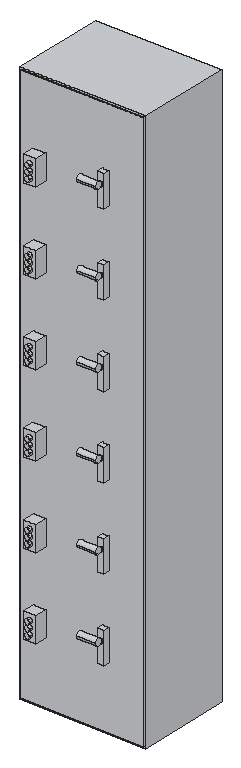
Revit family "e36c70917ccb48d3a1429e1e011fed8e", category Electrical Equipment, Revit 2021
Family settings
  Round Connector Dimension = Use Diameter
  Part Type = Switchboard
  OmniClass Number = 23.80.30.11.17
  OmniClass Title = Distribution Boards and Control Panels
  Seek Item ID = Modular Motor Control Centers - Motor Starter Section-0000-USA-ENU
  Work Plane-Based = No
  Always vertical = Yes
  Cut with Voids When Loaded = No
  Shared = No
  Room Calculation Point = No
Parameters (values of type "20"X15"")
  Switch Voltage = 480 V
  Switch Material = none
  built-in parameter 1140142 [instance] = -1
  Pushbutton Material = none
  Number of Poles = 3
  built-in parameter 1155150 [instance] = 3
  MCC Width = Cabinet Width + 0' 4"  # 1' - 7"
  MCC Material = none
  built-in parameter 1140140 [instance] = 1 (stored number, unit not read)
  Load Classification = HVAC
  Half Length = Cabinet Length / 2  # 0' - 10"
  built-in parameter 1155100 [instance] = -1
  built-in parameter 1140083 [instance] = "Type 12"
  Default Elevation = 0' - 0"
  built-in parameter 1140087 [instance] = element -7000011
  Cabinet Width = 1' - 3"
  Cabinet Length = 1' - 8"
Types (4): name | MCC Width | Half Length | Cabinet Width | Cabinet Length
  (no name) | 1' - 7" | 0' - 10" | 1' - 3" | 1' - 8"
  20"X15" | 1' - 7" | 0' - 10" | 1' - 3" | 1' - 8"
  20"X20" | 2' - 0" | 0' - 10" | 1' - 8" | 1' - 8"
  24"X20" | 2' - 0" | 1' - 0" | 1' - 8" | 2' - 0"
Reference planes (in)
  plane 1 "Center (Front/Back)": y = 0
  plane 2: z = 0
  plane 3 "Center (Left/Right)": x = 0
  plane 4: y = -19
  plane 5: x = -10
  plane 6: x = 10
  plane 7: y = -15
  plane 8: z = 90
  plane 9: y = -15.125
  plane 10: x = -9.75
  plane 11: x = 9.75
  plane 12: z = 89.75
  plane 13: z = 0.25
  plane 14: x = -7.75
  plane 15: x = -5.75
  plane 16: y = -17.125
  plane 17: y = -17.625
  plane 18: z = 80.25
  plane 19: z = 75.25
  plane 20: z = 79.25
  plane 21: x = -6.75
  plane 22: z = 78.25
  plane 23: x = 3.75
  plane 24: x = 3.25
  plane 25: x = 4.25
  plane 26: x = 3.625
  plane 27: x = 3.875
  plane 28: x = 2.25
  plane 29: x = 5.25
  plane 30: y = -16.125
  plane 31: z = 78.98919
  plane 32: z = 77.75
  plane 33: y = -18.5
  plane 34: y = -7.5
  plane 35: z = 67.25
  plane 36: z = 62.25
  plane 37: z = 66.25
  plane 38: z = 65.25
  plane 39: z = 54.25
  plane 40: z = 49.25
  plane 41: z = 53.25
  plane 42: z = 52.25
  plane 43: z = 41.25
  plane 44: z = 36.25
  plane 45: z = 40.25
  plane 46: z = 39.25
  plane 47: z = 28.25
  plane 48: z = 23.25
  plane 49: z = 27.25
  plane 50: z = 26.25
  plane 51: z = 15.25
  plane 52: z = 10.25
  plane 53: z = 14.25
  plane 54: z = 13.25
Forms (in)
  Extrusion 1, solid, material <- "MCC Material"
    sketch origin (0, 0, 0) x (1, 0, 0) y (0, 1, 0)
      loop
        line (-10, -15) -> (10, -15) -> (10, 0) -> (-10, 0) -> (-10, -15)
    from 90 to 0
  Extrusion 2, solid, material <- "MCC Material", detail levels fine
    sketch origin (0, 0, 0) x (1, 0, 0) y (0, 1, 0)
      loop
        line (-9.75, -15.125) -> (9.75, -15.125) -> (9.75, -15) -> (-9.75, -15) -> (-9.75, -15.125)
    from 0.25 to 89.75
  Extrusion 3, solid, material <- "Pushbutton Material", detail levels fine
    sketch origin (0, 0, 0) x (1, 0, 0) y (0, 1, 0)
      loop
        line (-7.75, -17.125) -> (-5.75, -17.125) -> (-5.75, -15.125) -> (-7.75, -15.125) -> (-7.75, -17.125)
    from 75.25 to 79.25
  Extrusion 4, solid, material <- "Pushbutton Material", detail levels fine
    sketch origin (0, 0, 0) x (1, 0, 0) y (0, 0, 1)
      loop
        circle (-6.75, 78.25) r 0.375
    from 17.625 to 17.125
  Extrusion 5, solid, material <- "Pushbutton Material", detail levels fine
    sketch origin (0, 0, -1) x (1, 0, 0) y (0, 0, 1)
      loop
        circle (-6.75, 78.25) r 0.375
    from 17.625 to 17.125
  Extrusion 6, solid, material <- "Pushbutton Material", detail levels fine
    sketch origin (0, 0, -2) x (1, 0, 0) y (0, 0, 1)
      loop
        circle (-6.75, 78.25) r 0.375
    from 17.625 to 17.125
  Extrusion 7, solid, material <- "Pushbutton Material", detail levels fine
    sketch origin (0, -0.5, -13) x (1, 0, 0) y (0, 1, 0)
      loop
        line (-7.75, -16.625) -> (-5.75, -16.625) -> (-5.75, -14.625) -> (-7.75, -14.625) -> (-7.75, -16.625)
    from 75.25 to 79.25
  Extrusion 8, solid, material <- "Pushbutton Material", detail levels fine
    sketch origin (0, 0, -13) x (1, 0, 0) y (0, 0, 1)
      loop
        circle (-6.75, 78.25) r 0.375
    from 17.625 to 17.125
  Extrusion 9, solid, material <- "Pushbutton Material", detail levels fine
    sketch origin (0, 0, -14) x (1, 0, 0) y (0, 0, 1)
      loop
        circle (-6.75, 78.25) r 0.375
    from 17.625 to 17.125
  Extrusion 10, solid, material <- "Pushbutton Material", detail levels fine
    sketch origin (0, 0, -15) x (1, 0, 0) y (0, 0, 1)
      loop
        circle (-6.75, 78.25) r 0.375
    from 17.625 to 17.125
  Extrusion 11, solid, material <- "Pushbutton Material", detail levels fine
    sketch origin (0, 0, -26) x (1, 0, 0) y (0, 1, 0)
      loop
        line (-7.75, -17.125) -> (-5.75, -17.125) -> (-5.75, -15.125) -> (-7.75, -15.125) -> (-7.75, -17.125)
    from 75.25 to 79.25
  Extrusion 12, solid, material <- "Pushbutton Material", detail levels fine
    sketch origin (0, 0, -26) x (1, 0, 0) y (0, 0, 1)
      loop
        circle (-6.75, 78.25) r 0.375
    from 17.625 to 17.125
  Extrusion 13, solid, material <- "Pushbutton Material", detail levels fine
    sketch origin (0, 0, -27) x (1, 0, 0) y (0, 0, 1)
      loop
        circle (-6.75, 78.25) r 0.375
    from 17.625 to 17.125
  Extrusion 14, solid, material <- "Pushbutton Material", detail levels fine
    sketch origin (0, 0, -28) x (1, 0, 0) y (0, 0, 1)
      loop
        circle (-6.75, 78.25) r 0.375
    from 17.625 to 17.125
  Extrusion 15, solid, material <- "Pushbutton Material", detail levels fine
    sketch origin (0, -0.5, -39) x (1, 0, 0) y (0, 1, 0)
      loop
        line (-7.75, -16.625) -> (-5.75, -16.625) -> (-5.75, -14.625) -> (-7.75, -14.625) -> (-7.75, -16.625)
    from 75.25 to 79.25
  Extrusion 16, solid, material <- "Pushbutton Material", detail levels fine
    sketch origin (0, 0, -39) x (1, 0, 0) y (0, 0, 1)
      loop
        circle (-6.75, 78.25) r 0.375
    from 17.625 to 17.125
  Extrusion 17, solid, material <- "Pushbutton Material", detail levels fine
    sketch origin (0, 0, -40) x (1, 0, 0) y (0, 0, 1)
      loop
        circle (-6.75, 78.25) r 0.375
    from 17.625 to 17.125
  Extrusion 18, solid, material <- "Pushbutton Material", detail levels fine
    sketch origin (0, 0, -41) x (1, 0, 0) y (0, 0, 1)
      loop
        circle (-6.75, 78.25) r 0.375
    from 17.625 to 17.125
  Extrusion 19, solid, material <- "Pushbutton Material", detail levels fine
    sketch origin (0, 0, -52) x (1, 0, 0) y (0, 1, 0)
      loop
        line (-7.75, -17.125) -> (-5.75, -17.125) -> (-5.75, -15.125) -> (-7.75, -15.125) -> (-7.75, -17.125)
    from 75.25 to 79.25
  Extrusion 20, solid, material <- "Pushbutton Material", detail levels fine
    sketch origin (0, 0, -52) x (1, 0, 0) y (0, 0, 1)
      loop
        circle (-6.75, 78.25) r 0.375
    from 17.125 to 17.625
  Extrusion 21, solid, material <- "Pushbutton Material", detail levels fine
    sketch origin (0, 0, -53) x (1, 0, 0) y (0, 0, 1)
      loop
        circle (-6.75, 78.25) r 0.375
    from 17.125 to 17.625
  Extrusion 22, solid, material <- "Pushbutton Material", detail levels fine
    sketch origin (0, 0, -54) x (1, 0, 0) y (0, 0, 1)
      loop
        circle (-6.75, 78.25) r 0.375
    from 17.125 to 17.625
  Extrusion 23, solid, material <- "Pushbutton Material", detail levels fine
    sketch origin (0, 0, -65) x (1, 0, 0) y (0, 1, 0)
      loop
        line (-7.75, -17.125) -> (-5.75, -17.125) -> (-5.75, -15.125) -> (-7.75, -15.125) -> (-7.75, -17.125)
    from 75.25 to 79.25
  Extrusion 24, solid, material <- "Pushbutton Material", detail levels fine
    sketch origin (0, 0, -65) x (1, 0, 0) y (0, 0, 1)
      loop
        circle (-6.75, 78.25) r 0.375
    from 17.625 to 17.125
  Extrusion 25, solid, material <- "Pushbutton Material", detail levels fine
    sketch origin (0, 0, -66) x (1, 0, 0) y (0, 0, 1)
      loop
        circle (-6.75, 78.25) r 0.375
    from 17.625 to 17.125
  Extrusion 26, solid, material <- "Pushbutton Material", detail levels fine
    sketch origin (0, 0, -67) x (1, 0, 0) y (0, 0, 1)
      loop
        circle (-6.75, 78.25) r 0.375
    from 17.625 to 17.125
  Extrusion 27, solid, material <- "Switch Material", detail levels fine
    sketch origin (0, 0, 0) x (1, 0, 0) y (0, 0, 1)
      loop
        line (3.25, 75.25) -> (4.25, 75.25) -> (4.25, 80.25) -> (3.25, 80.25) -> (3.25, 75.25)
    from 16.125 to 15.125
  Extrusion 28, solid, material <- "Switch Material", detail levels fine
    sketch origin (0, 0, 0) x (0, 1, 0) y (0, 0, 1)
      loop
        line (-16.125, 78.98919) -> (-18.5, 80.3604) -> (-18.5, 79.62121) -> (-16.125, 78.25) -> (-16.125, 78.98919)
    from 3.875 to 3.625
  Extrusion 29, solid, material <- "Switch Material", detail levels fine
    sketch origin (0, 0, 0) x (0, 1, 0) y (0, 0, 1)
      loop
        circle (-18.5, 79.98078) r 0.5
    from 5.25 to 2.25
  Extrusion 30, solid, material <- "Switch Material", detail levels fine
    sketch origin (0, 0, -13) x (1, 0, 0) y (0, 0, 1)
      loop
        line (3.25, 75.25) -> (4.25, 75.25) -> (4.25, 80.25) -> (3.25, 80.25) -> (3.25, 75.25)
    from 16.125 to 15.125
  Extrusion 31, solid, material <- "Switch Material", detail levels fine
    sketch origin (0, 0, -13) x (0, 1, 0) y (0, 0, 1)
      loop
        line (-16.125, 78.98919) -> (-18.5, 80.3604) -> (-18.5, 79.62121) -> (-16.125, 78.25) -> (-16.125, 78.98919)
    from 3.875 to 3.625
  Extrusion 32, solid, material <- "Switch Material", detail levels fine
    sketch origin (0, 0, -13) x (0, 1, 0) y (0, 0, 1)
      loop
        circle (-18.5, 79.98078) r 0.5
    from 5.25 to 2.25
  Extrusion 33, solid, material <- "Switch Material", detail levels fine
    sketch origin (0, 0, -26) x (1, 0, 0) y (0, 0, 1)
      loop
        line (3.25, 75.25) -> (4.25, 75.25) -> (4.25, 80.25) -> (3.25, 80.25) -> (3.25, 75.25)
    from 16.125 to 15.125
  Extrusion 34, solid, material <- "Switch Material", detail levels fine
    sketch origin (0, 0, -26) x (0, 1, 0) y (0, 0, 1)
      loop
        line (-16.125, 78.98919) -> (-18.5, 80.3604) -> (-18.5, 79.62121) -> (-16.125, 78.25) -> (-16.125, 78.98919)
    from 3.875 to 3.625
  Extrusion 35, solid, material <- "Switch Material", detail levels fine
    sketch origin (0, 0, -26) x (0, 1, 0) y (0, 0, 1)
      loop
        circle (-18.5, 79.98078) r 0.5
    from 5.25 to 2.25
  Extrusion 36, solid, material <- "Switch Material", detail levels fine
    sketch origin (0, 0, -39) x (1, 0, 0) y (0, 0, 1)
      loop
        line (3.25, 75.25) -> (4.25, 75.25) -> (4.25, 80.25) -> (3.25, 80.25) -> (3.25, 75.25)
    from 16.125 to 15.125
  Extrusion 37, solid, material <- "Switch Material", detail levels fine
    sketch origin (0, 0, -39) x (0, 1, 0) y (0, 0, 1)
      loop
        line (-16.125, 78.98919) -> (-18.5, 80.3604) -> (-18.5, 79.62121) -> (-16.125, 78.25) -> (-16.125, 78.98919)
    from 3.875 to 3.625
  Extrusion 38, solid, material <- "Switch Material", detail levels fine
    sketch origin (0, 0, -39) x (0, 1, 0) y (0, 0, 1)
      loop
        circle (-18.5, 79.98078) r 0.5
    from 5.25 to 2.25
  Extrusion 39, solid, material <- "Switch Material", detail levels fine
    sketch origin (0, 0, -52) x (1, 0, 0) y (0, 0, 1)
      loop
        line (3.25, 75.25) -> (4.25, 75.25) -> (4.25, 80.25) -> (3.25, 80.25) -> (3.25, 75.25)
    from 16.125 to 15.125
  Extrusion 40, solid, material <- "Switch Material", detail levels fine
    sketch origin (0, 0, -52) x (0, 1, 0) y (0, 0, 1)
      loop
        line (-16.125, 78.98919) -> (-18.5, 80.3604) -> (-18.5, 79.62121) -> (-16.125, 78.25) -> (-16.125, 78.98919)
    from 3.875 to 3.625
  Extrusion 41, solid, material <- "Switch Material", detail levels fine
    sketch origin (0, 0, -52) x (0, 1, 0) y (0, 0, 1)
      loop
        circle (-18.5, 79.98078) r 0.5
    from 2.25 to 5.25
  Extrusion 42, solid, material <- "Switch Material", detail levels fine
    sketch origin (0, 0, -65) x (1, 0, 0) y (0, 0, 1)
      loop
        line (3.25, 75.25) -> (4.25, 75.25) -> (4.25, 80.25) -> (3.25, 80.25) -> (3.25, 75.25)
    from 16.125 to 15.125
  Extrusion 43, solid, material <- "Switch Material", detail levels fine
    sketch origin (0, 0, -65) x (0, 1, 0) y (0, 0, 1)
      loop
        line (-16.125, 78.98919) -> (-18.5, 80.3604) -> (-18.5, 79.62121) -> (-16.125, 78.25) -> (-16.125, 78.98919)
    from 3.875 to 3.625
  Extrusion 44, solid, material <- "Switch Material", detail levels fine
    sketch origin (0, 0, -65) x (0, 1, 0) y (0, 0, 1)
      loop
        circle (-18.5, 79.98078) r 0.5
    from 5.25 to 2.25
Cuts and joins
  joined: Extrusion 3, Extrusion 4, Extrusion 5, Extrusion 6
  joined: Extrusion 27, Extrusion 28, Extrusion 29
  joined: Extrusion 36, Extrusion 37, Extrusion 38
  joined: Extrusion 33, Extrusion 34, Extrusion 35
  joined: Extrusion 30, Extrusion 31, Extrusion 32
  joined: Extrusion 39, Extrusion 40, Extrusion 41
  joined: Extrusion 42, Extrusion 43, Extrusion 44
  joined: Extrusion 23, Extrusion 24, Extrusion 25, Extrusion 26
  joined: Extrusion 19, Extrusion 20, Extrusion 21, Extrusion 22
  joined: Extrusion 15, Extrusion 16, Extrusion 17, Extrusion 18
  joined: Extrusion 11, Extrusion 12, Extrusion 13, Extrusion 14
  joined: Extrusion 7, Extrusion 8, Extrusion 9, Extrusion 10
Lines and regions (in)
  model lines, detail levels fine
    curve 1: line (-9.75, -15.125, 84.25) -> (9.75, -15.125, 84.25)
    curve 2: line (6.5, -15.125, 83.75) -> (6.5, -15.125, 6.25)
    curve 3: line (6, -15.125, 83.75) -> (6, -15.125, 6.25)
    curve 4: line (-9.75, -15.125, 83.75) -> (6, -15.125, 83.75)
    curve 5: line (-9.75, -15.125, 71.25) -> (6, -15.125, 71.25)
    curve 6: line (-9.75, -15.125, 70.75) -> (6, -15.125, 70.75)
    curve 7: line (-9.75, -15.125, 58.25) -> (6, -15.125, 58.25)
    curve 8: line (-9.75, -15.125, 57.75) -> (6, -15.125, 57.75)
    curve 9: line (-9.75, -15.125, 45.25) -> (6, -15.125, 45.25)
    curve 10: line (-9.75, -15.125, 44.75) -> (6, -15.125, 44.75)
    curve 11: line (-9.75, -15.125, 32.25) -> (6, -15.125, 32.25)
    curve 12: line (-9.75, -15.125, 31.75) -> (6, -15.125, 31.75)
    curve 13: line (-9.75, -15.125, 19.25) -> (6, -15.125, 19.25)
    curve 14: line (-9.75, -15.125, 18.75) -> (6, -15.125, 18.75)
    curve 15: line (-9.75, -15.125, 6.25) -> (6, -15.125, 6.25)
    curve 16: line (-9.75, -15.125, 5.75) -> (9.75, -15.125, 5.75)
    curve 17: line (6.5, -15.125, 83.75) -> (9.75, -15.125, 83.75)
    curve 18: line (6.5, -15.125, 6.25) -> (9.75, -15.125, 6.25)
Dimensions and locks (in)
  "MCC Width": plane 4 to plane 1 "Center (Front/Back)"
  "Half Length": plane 5 to plane 3 "Center (Left/Right)"
  "Half Length": plane 6 to plane 3 "Center (Left/Right)"
  locked: plane 7 to plane 4 at 4
  locked: plane 8 to plane 2 at 90
  locked: plane 9 to plane 4 at 3.875
  locked: plane 5 to plane 10 at 0.25
  locked: plane 11 to plane 6 at 0.25
  locked: plane 8 to plane 12 at 0.25
  locked: plane 13 to plane 2 at 0.25
  locked: curve 2 to plane 6 at 3.5
  locked: curve 3 to curve 2 at 0.5
  plane 5 to plane 14 = 0' - 2 1/4"
  locked: plane 14 to plane 15 at 2
  locked: plane 9 to plane 16 at 2
  locked: plane 16 to plane 17 at 0.5
  locked: plane 8 to plane 18 at 9.75
  locked: plane 18 to plane 19 at 5
  equal spacing: plane 15, plane 21, plane 14
  locked: plane 20 to plane 19 at 4
  locked: plane 20 to plane 22 at 1
  locked: plane 23 to plane 6 at 6.25
  plane 24 to plane 23 to plane 25 = 0' - 0 1/2" locked, 0' - 0 1/2" locked
  plane 26 to plane 23 to plane 27 = 0' - 0 1/8" locked, 0' - 0 1/8" locked
  locked: plane 28 to plane 23 at 1.5
  locked: plane 23 to plane 29 at 1.5
  locked: plane 9 to plane 30 at 1
  locked: plane 18 to plane 31 at 1.26081
  locked: plane 32 to plane 19 at 2.5
  locked: plane 33 to plane 4 at 0.5
  equal spacing: plane 7, plane 34, plane 1 "Center (Front/Back)"
  locked: connector elem to plane 6 at 2
  locked: connector elem to plane 34
  locked: plane 35 to plane 36 at 5
  locked: plane 37 to plane 36 at 4
  locked: plane 37 to plane 38 at 1
  locked: plane 39 to plane 40 at 5
  locked: plane 41 to plane 40 at 4
  locked: plane 41 to plane 42 at 1
  locked: plane 43 to plane 44 at 5
  locked: plane 45 to plane 44 at 4
  locked: plane 45 to plane 46 at 1
  locked: plane 47 to plane 48 at 5
  locked: plane 49 to plane 48 at 4
  locked: plane 49 to plane 50 at 1
  locked: plane 51 to plane 52 at 5
  locked: plane 53 to plane 52 at 4
  locked: plane 53 to plane 54 at 1
  locked: plane 18 to plane 35 at 13
  locked: plane 35 to plane 39 at 13
  locked: plane 39 to plane 43 at 13
  locked: plane 43 to plane 47 at 13
  locked: plane 47 to plane 51 at 13
  locked: plane 18 to Extrusion 29 sketch curve at 0.26922
  locked: plane 35 to Extrusion 32 sketch curve at 0.26922
  locked: plane 39 to Extrusion 35 sketch curve at 0.26922
  locked: plane 43 to Extrusion 38 sketch curve at 0.26922
  locked: plane 47 to Extrusion 41 sketch curve at 0.26922
  locked: plane 51 to Extrusion 44 sketch curve at 0.26922
  locked: plane 22 to Extrusion 28 sketch curve (angle 30.00°)
  locked: plane 22 to cut or joined group of Extrusion 27, Extrusion 28, Extrusion 29 (angle 30.00°)
  locked: plane 38 to cut or joined group of Extrusion 30, Extrusion 31, Extrusion 32 (angle 30.00°)  (x2)
  locked: plane 42 to cut or joined group of Extrusion 33, Extrusion 34, Extrusion 35 (angle 30.00°)  (x2)
  locked: plane 46 to cut or joined group of Extrusion 36, Extrusion 37, Extrusion 38 (angle 30.00°)  (x2)
  locked: plane 50 to cut or joined group of Extrusion 39, Extrusion 40, Extrusion 41 (angle 30.00°)  (x2)
  locked: plane 54 to cut or joined group of Extrusion 42, Extrusion 43, Extrusion 44 (angle 30.00°)  (x2)
  aligned and locked: plane 5 to Extrusion 1 sketch curve
  aligned and locked: Extrusion 1 sketch curve to plane 7
  aligned and locked: plane 1 "Center (Front/Back)" to Extrusion 1 sketch curve
  aligned and locked: plane 6 to Extrusion 1 sketch curve
  aligned and locked: plane 8 to Extrusion 1
  aligned and locked: Extrusion 1 to plane 2
  aligned and locked: plane 10 to Extrusion 2 sketch curve
  aligned and locked: Extrusion 2 sketch curve to plane 9
  aligned and locked: plane 7 to Extrusion 2 sketch curve
  aligned and locked: plane 11 to Extrusion 2 sketch curve
  aligned and locked: Extrusion 2 to plane 13
  aligned and locked: plane 12 to Extrusion 2
  aligned and locked: plane 10 to curve 1
  aligned and locked: plane 11 to curve 1
  aligned and locked: plane 11 to curve 18
  aligned and locked: plane 14 to Extrusion 3 sketch curve
  aligned and locked: Extrusion 3 sketch curve to plane 16
  aligned and locked: plane 9 to Extrusion 3 sketch curve
  aligned and locked: plane 15 to Extrusion 3 sketch curve
  aligned and locked: Extrusion 3 to plane 19
  aligned and locked: plane 21 to Extrusion 4 sketch curve
  aligned and locked: Extrusion 4 to plane 16
  aligned and locked: Extrusion 4 to plane 17
  aligned and locked: plane 20 to Extrusion 3
  aligned and locked: plane 22 to Extrusion 4 sketch curve
  aligned and locked: plane 20 to cut or joined group of Extrusion 3, Extrusion 4, Extrusion 5, Extrusion 6
  aligned and locked: cut or joined group of Extrusion 3, Extrusion 4, Extrusion 5, Extrusion 6 to plane 19
  aligned and locked: plane 15 to Extrusion 23
  aligned and locked: Extrusion 23 to plane 14
  aligned and locked: plane 15 to Extrusion 19
  aligned and locked: Extrusion 19 to plane 14
  aligned and locked: plane 15 to Extrusion 15
  aligned and locked: Extrusion 15 to plane 14
  aligned and locked: plane 15 to Extrusion 11
  aligned and locked: Extrusion 11 to plane 14
  aligned and locked: plane 15 to Extrusion 7
  aligned and locked: Extrusion 7 to plane 14
  aligned and locked: plane 15 to cut or joined group of Extrusion 3, Extrusion 4, Extrusion 5, Extrusion 6
  aligned and locked: cut or joined group of Extrusion 3, Extrusion 4, Extrusion 5, Extrusion 6 to plane 14
  aligned and locked: cut or joined group of Extrusion 3, Extrusion 4, Extrusion 5, Extrusion 6 to plane 20  (x2)
  aligned and locked: plane 19 to cut or joined group of Extrusion 3, Extrusion 4, Extrusion 5, Extrusion 6
  aligned and locked: plane 24 to Extrusion 27 sketch curve
  aligned and locked: Extrusion 27 sketch curve to plane 19
  aligned and locked: plane 18 to Extrusion 27 sketch curve
  aligned and locked: plane 25 to Extrusion 27 sketch curve
  aligned and locked: Extrusion 27 to plane 9
  aligned and locked: plane 30 to Extrusion 27
  aligned and locked: plane 33 to Extrusion 28 sketch curve
  aligned and locked: plane 28 to Extrusion 29
  aligned and locked: plane 29 to Extrusion 29
  aligned and locked: plane 26 to Extrusion 28
  aligned and locked: plane 27 to Extrusion 28
  aligned and locked: plane 30 to Extrusion 30
  aligned and locked: plane 30 to Extrusion 33
  aligned and locked: plane 30 to Extrusion 36
  aligned and locked: plane 30 to Extrusion 39
  aligned and locked: plane 30 to Extrusion 42
  aligned and locked: Extrusion 43 to plane 30
  aligned and locked: Extrusion 40 to plane 30
  aligned and locked: Extrusion 37 to plane 30
  aligned and locked: Extrusion 34 to plane 30
  aligned and locked: Extrusion 31 to plane 30
  aligned and locked: plane 30 to cut or joined group of Extrusion 27, Extrusion 28, Extrusion 29
  aligned and locked: Extrusion 32 to plane 28
  aligned and locked: plane 29 to Extrusion 32
  aligned and locked: plane 26 to Extrusion 31
  aligned and locked: plane 27 to Extrusion 31
  aligned and locked: Extrusion 35 to plane 28
  aligned and locked: plane 29 to Extrusion 35
  aligned and locked: plane 26 to Extrusion 34
  aligned and locked: plane 27 to Extrusion 34
  aligned and locked: Extrusion 38 to plane 28
  aligned and locked: plane 29 to Extrusion 38
  aligned and locked: plane 26 to Extrusion 37
  aligned and locked: plane 27 to Extrusion 37
  aligned and locked: plane 28 to Extrusion 41
  aligned and locked: plane 29 to Extrusion 41
  aligned and locked: plane 26 to Extrusion 40
  aligned and locked: plane 27 to Extrusion 40
  aligned and locked: Extrusion 44 to plane 28
  aligned and locked: plane 29 to Extrusion 44
  aligned and locked: plane 26 to Extrusion 43
  aligned and locked: plane 27 to Extrusion 43
  aligned and locked: plane 9 to Extrusion 30
  aligned and locked: plane 9 to Extrusion 33
  aligned and locked: plane 9 to Extrusion 42
  aligned and locked: plane 9 to Extrusion 39
  aligned and locked: plane 9 to Extrusion 36
  aligned and locked: cut or joined group of Extrusion 3, Extrusion 4, Extrusion 5, Extrusion 6 to plane 16  (x4)
  aligned and locked: cut or joined group of Extrusion 3, Extrusion 4, Extrusion 5, Extrusion 6 to plane 17  (x2)
  aligned and locked: Extrusion 8 to plane 16
  aligned and locked: Extrusion 9 to plane 16
  aligned and locked: Extrusion 10 to plane 16
  aligned and locked: Extrusion 8 to plane 17
  aligned and locked: Extrusion 9 to plane 17
  aligned and locked: Extrusion 10 to plane 17
  aligned and locked: Extrusion 12 to plane 16
  aligned and locked: Extrusion 13 to plane 16
  aligned and locked: Extrusion 14 to plane 16
  aligned and locked: Extrusion 12 to plane 17
  aligned and locked: Extrusion 13 to plane 17
  aligned and locked: Extrusion 14 to plane 17
  aligned and locked: Extrusion 16 to plane 16
  aligned and locked: Extrusion 17 to plane 16
  aligned and locked: Extrusion 18 to plane 16
  aligned and locked: Extrusion 16 to plane 17
  aligned and locked: Extrusion 17 to plane 17
  aligned and locked: Extrusion 18 to plane 17
  aligned and locked: Extrusion 20 to plane 16
  aligned and locked: Extrusion 21 to plane 16
  aligned and locked: Extrusion 22 to plane 16
  aligned and locked: Extrusion 20 to plane 17
  aligned and locked: Extrusion 21 to plane 17
  aligned and locked: Extrusion 22 to plane 17
  aligned and locked: Extrusion 24 to plane 16
  aligned and locked: Extrusion 25 to plane 16
  aligned and locked: Extrusion 26 to plane 16
  aligned and locked: Extrusion 24 to plane 17
  aligned and locked: Extrusion 25 to plane 17
  aligned and locked: Extrusion 26 to plane 17
  aligned and locked: plane 33 to Extrusion 32 sketch curve
  aligned and locked: plane 33 to Extrusion 35 sketch curve
  aligned and locked: plane 33 to Extrusion 38 sketch curve
  aligned and locked: plane 33 to Extrusion 41 sketch curve
  aligned and locked: plane 33 to Extrusion 44 sketch curve
  aligned and locked: plane 35 to cut or joined group of Extrusion 30, Extrusion 31, Extrusion 32
  aligned and locked: cut or joined group of Extrusion 7, Extrusion 8, Extrusion 9, Extrusion 10 to plane 36
  aligned and locked: cut or joined group of Extrusion 30, Extrusion 31, Extrusion 32 to plane 36  (x2)
  aligned and locked: plane 36 to cut or joined group of Extrusion 7, Extrusion 8, Extrusion 9, Extrusion 10
  aligned and locked: plane 39 to cut or joined group of Extrusion 33, Extrusion 34, Extrusion 35
  aligned and locked: cut or joined group of Extrusion 11, Extrusion 12, Extrusion 13, Extrusion 14 to plane 40
  aligned and locked: cut or joined group of Extrusion 33, Extrusion 34, Extrusion 35 to plane 40  (x2)
  aligned and locked: plane 40 to cut or joined group of Extrusion 11, Extrusion 12, Extrusion 13, Extrusion 14  (x2)
  aligned and locked: plane 43 to cut or joined group of Extrusion 36, Extrusion 37, Extrusion 38
  aligned and locked: cut or joined group of Extrusion 15, Extrusion 16, Extrusion 17, Extrusion 18 to plane 44
  aligned and locked: plane 47 to cut or joined group of Extrusion 39, Extrusion 40, Extrusion 41
  aligned and locked: cut or joined group of Extrusion 19, Extrusion 20, Extrusion 21, Extrusion 22 to plane 48
  aligned and locked: plane 51 to cut or joined group of Extrusion 42, Extrusion 43, Extrusion 44
  aligned and locked: cut or joined group of Extrusion 23, Extrusion 24, Extrusion 25, Extrusion 26 to plane 52
  aligned and locked: plane 38 to Extrusion 8 sketch curve
  aligned and locked: plane 21 to Extrusion 8 sketch curve
  aligned and locked: plane 41 to cut or joined group of Extrusion 11, Extrusion 12, Extrusion 13, Extrusion 14
  aligned and locked: plane 37 to cut or joined group of Extrusion 7, Extrusion 8, Extrusion 9, Extrusion 10
  aligned and locked: cut or joined group of Extrusion 27, Extrusion 28, Extrusion 29 to plane 19
  aligned and locked: cut or joined group of Extrusion 11, Extrusion 12, Extrusion 13, Extrusion 14 to plane 41
  aligned and locked: plane 45 to cut or joined group of Extrusion 15, Extrusion 16, Extrusion 17, Extrusion 18
  aligned and locked: cut or joined group of Extrusion 36, Extrusion 37, Extrusion 38 to plane 44  (x2)
  aligned and locked: plane 49 to cut or joined group of Extrusion 19, Extrusion 20, Extrusion 21, Extrusion 22
  aligned and locked: cut or joined group of Extrusion 39, Extrusion 40, Extrusion 41 to plane 48  (x2)
  aligned and locked: plane 53 to cut or joined group of Extrusion 23, Extrusion 24, Extrusion 25, Extrusion 26
  aligned and locked: cut or joined group of Extrusion 42, Extrusion 43, Extrusion 44 to plane 52
  aligned and locked: plane 9 to cut or joined group of Extrusion 23, Extrusion 24, Extrusion 25, Extrusion 26
  aligned and locked: plane 9 to cut or joined group of Extrusion 42, Extrusion 43, Extrusion 44
  aligned and locked: cut or joined group of Extrusion 23, Extrusion 24, Extrusion 25, Extrusion 26 to plane 16  (x2)
  aligned and locked: cut or joined group of Extrusion 23, Extrusion 24, Extrusion 25, Extrusion 26 to plane 17  (x3)
  aligned and locked: plane 30 to cut or joined group of Extrusion 42, Extrusion 43, Extrusion 44
  aligned and locked: plane 30 to cut or joined group of Extrusion 39, Extrusion 40, Extrusion 41
  aligned and locked: cut or joined group of Extrusion 19, Extrusion 20, Extrusion 21, Extrusion 22 to plane 16
  aligned and locked: plane 9 to cut or joined group of Extrusion 19, Extrusion 20, Extrusion 21, Extrusion 22
  aligned and locked: cut or joined group of Extrusion 19, Extrusion 20, Extrusion 21, Extrusion 22 to plane 9
  aligned and locked: plane 9 to cut or joined group of Extrusion 15, Extrusion 16, Extrusion 17, Extrusion 18
  aligned and locked: cut or joined group of Extrusion 15, Extrusion 16, Extrusion 17, Extrusion 18 to plane 16
  aligned and locked: plane 9 to cut or joined group of Extrusion 36, Extrusion 37, Extrusion 38
  aligned and locked: plane 30 to cut or joined group of Extrusion 36, Extrusion 37, Extrusion 38
  aligned and locked: plane 9 to cut or joined group of Extrusion 11, Extrusion 12, Extrusion 13, Extrusion 14
  aligned and locked: plane 9 to cut or joined group of Extrusion 7, Extrusion 8, Extrusion 9, Extrusion 10
  aligned and locked: plane 9 to cut or joined group of Extrusion 30, Extrusion 31, Extrusion 32
  aligned and locked: plane 30 to cut or joined group of Extrusion 30, Extrusion 31, Extrusion 32
  aligned and locked: cut or joined group of Extrusion 7, Extrusion 8, Extrusion 9, Extrusion 10 to plane 16
  aligned and locked: plane 9 to cut or joined group of Extrusion 27, Extrusion 28, Extrusion 29
  aligned and locked: cut or joined group of Extrusion 27, Extrusion 28, Extrusion 29 to plane 30
  aligned and locked: plane 33 to Extrusion 29 sketch curve
Automatic sketch dimensions
  Extrusion 5 sketch curve to plane 21 = 0' - 0"
  Extrusion 5 sketch curve to plane 32 = 0' - 0 1/2"
  Extrusion 9 sketch curve to plane 21 = 0' - 0"
  Extrusion 9 sketch curve to plane 38 = 0' - 1"
  Extrusion 10 sketch curve to plane 21 = 0' - 0"
  plane 36 to Extrusion 10 sketch curve = 0' - 1"
  Extrusion 12 sketch curve to plane 21 = 0' - 0"
  Extrusion 12 sketch curve to plane 36 = 0' - 10"
  Extrusion 13 sketch curve to plane 21 = 0' - 0"
  Extrusion 13 sketch curve to plane 36 = 0' - 11"
  Extrusion 14 sketch curve to plane 21 = 0' - 0"
  Extrusion 14 sketch curve to plane 36 = 1' - 0"
  Extrusion 16 sketch curve to plane 21 = 0' - 0"
  Extrusion 16 sketch curve to plane 36 = 1' - 11"
  Extrusion 17 sketch curve to plane 21 = 0' - 0"
  Extrusion 17 sketch curve to plane 36 = 2' - 0"
  Extrusion 18 sketch curve to plane 21 = 0' - 0"
  Extrusion 18 sketch curve to plane 36 = 2' - 1"
  Extrusion 30 sketch curve to plane 24 = 0' - 0"
  Extrusion 30 sketch curve to plane 25 = 0' - 0"
  Extrusion 30 sketch curve to plane 36 = 0' - 0"
  Extrusion 30 sketch curve to plane 35 = 0' - 0"
  Extrusion 33 sketch curve to plane 24 = 0' - 0"
  Extrusion 33 sketch curve to plane 25 = 0' - 0"
  Extrusion 33 sketch curve to plane 36 = 1' - 1"
  Extrusion 33 sketch curve to Extrusion 33 sketch curve = 0' - 5"
  Extrusion 36 sketch curve to plane 24 = 0' - 0"
  Extrusion 36 sketch curve to plane 25 = 0' - 0"
  Extrusion 36 sketch curve to plane 36 = 2' - 2"
  Extrusion 36 sketch curve to Extrusion 36 sketch curve = 0' - 5"
  Extrusion 20 sketch curve to plane 21 = 0' - 0"
  Extrusion 20 sketch curve to plane 40 = 1' - 11"
  Extrusion 21 sketch curve to plane 21 = 0' - 0"
  Extrusion 21 sketch curve to plane 40 = 2' - 0"
  Extrusion 22 sketch curve to plane 21 = 0' - 0"
  Extrusion 22 sketch curve to plane 44 = 1' - 0"
  Extrusion 39 sketch curve to plane 24 = 0' - 0"
  Extrusion 39 sketch curve to plane 25 = 0' - 0"
  Extrusion 39 sketch curve to plane 44 = 1' - 1"
  Extrusion 39 sketch curve to Extrusion 39 sketch curve = 0' - 5"
  Extrusion 24 sketch curve to plane 21 = 0' - 0"
  Extrusion 24 sketch curve to plane 48 = 0' - 10"
  Extrusion 25 sketch curve to plane 21 = 0' - 0"
  Extrusion 25 sketch curve to plane 48 = 0' - 11"
  curve 16 to Extrusion 2 = 0' - 0"  (x2)
  curve 15 to Extrusion 2 = 0' - 0"
  curve 14 to Extrusion 2 = 0' - 0"
  curve 13 to Extrusion 2 = 0' - 0"
  curve 12 to Extrusion 2 = 0' - 0"
  curve 4 to Extrusion 2 = 0' - 0"
  curve 11 to Extrusion 2 = 0' - 0"
  curve 5 to Extrusion 2 = 0' - 0"
  curve 10 to Extrusion 2 = 0' - 0"
  curve 6 to Extrusion 2 = 0' - 0"
  curve 9 to Extrusion 2 = 0' - 0"
  curve 7 to Extrusion 2 = 0' - 0"
  curve 8 to Extrusion 2 = 0' - 0"
  curve 17 to Extrusion 2 = 0' - 0"
  Extrusion 2 to curve 16 = 0' - 5 1/2"
  curve 16 to curve 2 = 0' - 0 1/2"
  curve 3 to curve 2 = 0' - 0"
  curve 3 to curve 14 = 1' - 0 1/2"
  curve 14 to curve 13 = 0' - 0 1/2"
  curve 13 to curve 12 = 1' - 0 1/2"
  curve 12 to curve 11 = 0' - 0 1/2"
  curve 11 to curve 10 = 1' - 0 1/2"
  curve 10 to curve 9 = 0' - 0 1/2"
  curve 9 to curve 8 = 1' - 0 1/2"
  curve 8 to curve 7 = 0' - 0 1/2"
  curve 7 to curve 6 = 1' - 0 1/2"
  curve 6 to curve 5 = 0' - 0 1/2"
  Extrusion 2 to curve 4 = 0' - 6"
  curve 2 to curve 3 = 0' - 0"
  curve 4 to curve 1 = 0' - 0 1/2"
  Extrusion 6 sketch curve to plane 21 = 0' - 0"
  plane 19 to Extrusion 6 sketch curve = 0' - 1"
  Extrusion 7 sketch curve to plane 9 = 0' - 0"
  Extrusion 7 sketch curve to plane 14 = 0' - 0"
  Extrusion 7 sketch curve to plane 15 = 0' - 0"
  Extrusion 7 sketch curve to plane 16 = 0' - 0"
  Extrusion 11 sketch curve to plane 9 = 0' - 0"
  Extrusion 11 sketch curve to plane 14 = 0' - 0"
  Extrusion 11 sketch curve to plane 15 = 0' - 0"
  Extrusion 11 sketch curve to plane 16 = 0' - 0"
  Extrusion 15 sketch curve to plane 9 = 0' - 0"
  Extrusion 15 sketch curve to plane 14 = 0' - 0"
  Extrusion 15 sketch curve to plane 15 = 0' - 0"
  Extrusion 15 sketch curve to plane 16 = 0' - 0"
  plane 9 to Extrusion 19 sketch curve = 0' - 0"
  Extrusion 19 sketch curve to plane 14 = 0' - 0"
  Extrusion 19 sketch curve to plane 15 = 0' - 0"
  plane 16 to Extrusion 19 sketch curve = 0' - 0"
  Extrusion 23 sketch curve to plane 9 = 0' - 0"
  Extrusion 23 sketch curve to plane 14 = 0' - 0"
  Extrusion 23 sketch curve to plane 15 = 0' - 0"
  Extrusion 23 sketch curve to plane 16 = 0' - 0"
  Extrusion 26 sketch curve to plane 21 = 0' - 0"
  plane 52 to Extrusion 26 sketch curve = 0' - 1"
  Extrusion 28 sketch curve to plane 22 = 0' - 0"
  Extrusion 28 sketch curve to plane 30 = 0' - 0"
  Extrusion 28 sketch curve to plane 31 = 0' - 0"
  plane 20 to Extrusion 28 sketch curve = 0' - 0.37121"
  Extrusion 31 sketch curve to plane 33 = 0' - 0"
  Extrusion 31 sketch curve to plane 30 = 0' - 0"
  Extrusion 31 sketch curve to plane 38 = 0' - 0"
  Extrusion 31 sketch curve to plane 37 = 0' - 0.26081"
  plane 37 to Extrusion 31 sketch curve = 0' - 0.37121"
  plane 35 to Extrusion 31 sketch curve = 0' - 0.1104"
  Extrusion 34 sketch curve to plane 33 = 0' - 0"
  Extrusion 34 sketch curve to plane 30 = 0' - 0"
  Extrusion 34 sketch curve to plane 42 = 0' - 0"
  Extrusion 34 sketch curve to plane 41 = 0' - 0.26081"
  plane 41 to Extrusion 34 sketch curve = 0' - 0.37121"
  plane 39 to Extrusion 34 sketch curve = 0' - 0.1104"
  Extrusion 37 sketch curve to plane 33 = 0' - 0"
  Extrusion 37 sketch curve to plane 30 = 0' - 0"
  Extrusion 37 sketch curve to plane 46 = 0' - 0"
  Extrusion 37 sketch curve to plane 45 = 0' - 0.26081"
  plane 45 to Extrusion 37 sketch curve = 0' - 0.37121"
  plane 43 to Extrusion 37 sketch curve = 0' - 0.1104"
  Extrusion 40 sketch curve to plane 33 = 0' - 0"
  Extrusion 40 sketch curve to plane 30 = 0' - 0"
  Extrusion 40 sketch curve to plane 50 = 0' - 0"
  Extrusion 40 sketch curve to plane 49 = 0' - 0.26081"
  plane 49 to Extrusion 40 sketch curve = 0' - 0.37121"
  plane 47 to Extrusion 40 sketch curve = 0' - 0.1104"
  Extrusion 42 sketch curve to plane 24 = 0' - 0"
  Extrusion 42 sketch curve to plane 25 = 0' - 0"
  Extrusion 42 sketch curve to plane 52 = 0' - 0"
  Extrusion 42 sketch curve to plane 51 = 0' - 0"
  Extrusion 43 sketch curve to plane 33 = 0' - 0"
  Extrusion 43 sketch curve to plane 30 = 0' - 0"
  Extrusion 43 sketch curve to plane 54 = 0' - 0"
  Extrusion 43 sketch curve to plane 53 = 0' - 0.26081"
  plane 53 to Extrusion 43 sketch curve = 0' - 0.37121"
  plane 51 to Extrusion 43 sketch curve = 0' - 0.1104"
  radius of Extrusion 4 sketch curve = 0' - 0 3/8"
  radius of Extrusion 5 sketch curve = 0' - 0 3/8"
  radius of Extrusion 29 sketch curve = 0' - 0 1/2"
  radius of Extrusion 8 sketch curve = 0' - 0 3/8"
  radius of Extrusion 9 sketch curve = 0' - 0 3/8"
  radius of Extrusion 10 sketch curve = 0' - 0 3/8"
  radius of Extrusion 12 sketch curve = 0' - 0 3/8"
  radius of Extrusion 13 sketch curve = 0' - 0 3/8"
  radius of Extrusion 14 sketch curve = 0' - 0 3/8"
  radius of Extrusion 16 sketch curve = 0' - 0 3/8"
  radius of Extrusion 17 sketch curve = 0' - 0 3/8"
  radius of Extrusion 18 sketch curve = 0' - 0 3/8"
  radius of Extrusion 32 sketch curve = 0' - 0 1/2"
  radius of Extrusion 35 sketch curve = 0' - 0 1/2"
  radius of Extrusion 38 sketch curve = 0' - 0 1/2"
  radius of Extrusion 20 sketch curve = 0' - 0 3/8"
  radius of Extrusion 21 sketch curve = 0' - 0 3/8"
  radius of Extrusion 41 sketch curve = 0' - 0 1/2"
  radius of Extrusion 22 sketch curve = 0' - 0 3/8"
  radius of Extrusion 24 sketch curve = 0' - 0 3/8"
  radius of Extrusion 25 sketch curve = 0' - 0 3/8"
  radius of Extrusion 44 sketch curve = 0' - 0 1/2"
  radius of Extrusion 6 sketch curve = 0' - 0 3/8"
  radius of Extrusion 26 sketch curve = 0' - 0 3/8"
Connectors (in)
  electrical at (8, -7.5, 90), driven by "Number of Poles", driven by "Switch Voltage", driven by "Load Classification"
    settings: on plane 8, index 1, voltage 480 V, apparent load 0 VA, apparent load phase1 0 VA, apparent load phase2 0 VA, apparent load phase3 0 VA, power factor 0.8, load classification "HVAC", number of poles 3, system type 31, power factor state 1, is connector primary yes, connector utility no, sub classification motor no, connector description ""
  cabletrayconduit at (0, -7.5, 90), diameter 24
    settings: on Extrusion 1, index 2, connector width 1' - 0", connector height 1' - 0", connector angle 0.00°, system type 32, placement type 1, profile type 0, connector reference index -1, is primary connector yes, connector utility param no, connector description ""
  cabletrayconduit at (-10, -7.5, 45), diameter 24
    settings: on Extrusion 1, index 3, connector width 1' - 0", connector height 1' - 0", connector angle 0.00°, system type 32, placement type 1, profile type 0, connector reference index -1, is primary connector no, connector utility param no, connector description ""
  cabletrayconduit at (10, -7.5, 45), diameter 24
    settings: on Extrusion 1, index 4, connector width 1' - 0", connector height 1' - 0", connector angle 0.00°, system type 32, placement type 1, profile type 0, connector reference index -1, is primary connector no, connector utility param no, connector description ""
  cabletrayconduit at (0, 0, 45), diameter 24
    settings: on Extrusion 1, index 5, connector width 1' - 0", connector height 1' - 0", connector angle 0.00°, system type 32, placement type 1, profile type 0, connector reference index -1, is primary connector no, connector utility param no, connector description ""
  cabletrayconduit at (0, -7.5, 0), diameter 24
    settings: on Extrusion 1, index 6, connector width 1' - 0", connector height 1' - 0", connector angle 0.00°, system type 32, placement type 1, profile type 0, connector reference index -1, is primary connector no, connector utility param no, connector description ""
